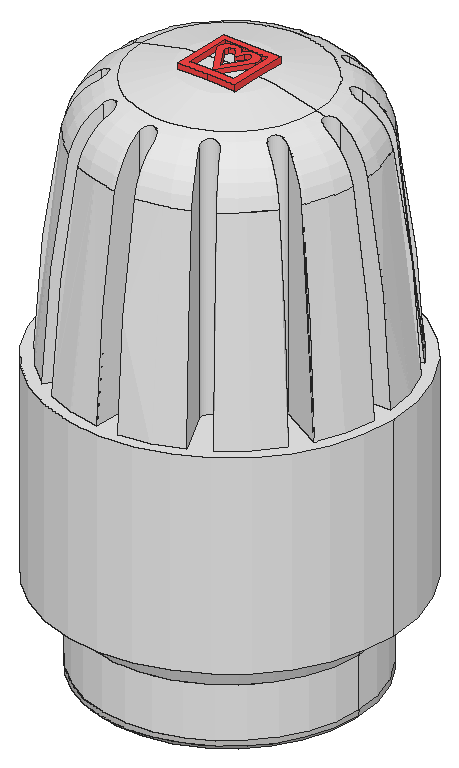
Revit family "HERZ-HERZCULES-Thermostatic Head M28x1.5 9860", category Rohrzubehör, Revit 2018
Family settings
  Bemaßung runder Anschluss = Durchmesser verwenden
  Teiletyp = Normal
  OmniClass-Nummer = 23.65.55.14
  OmniClass-Titel = Valves for Liquid Services
  Arbeitsebenenbasiert = Nein
  Immer vertikal = Nein
  Beim Laden mit Abzugskörper schneiden = Nein
  Gemeinsam genutzt = Nein
Parameters
  URL = "www.herzvalves.com"
  Set value range = "8 - 26°C"  # constant formula
  S02 = 60.000 mm  # constant formula
  S01 = 81.000 mm  # constant formula
  Part number = 1986010  # constant formula
  Operation = "The HERZ-thermostat serves as a sensor and control element.\r\nThe change in volume of the liquid contained in the HERZ-hydrosensor actuates the valve spindle."
  Model = "HERZCULES, radiator thermostat in robust version\r\nProtection against vandalism, theft and unauthorised operation.\r\nMounting, dismounting and set point control only possible with special tools.\r\nLocked and concealed set point.\r\nWith automatic frost release."
  Hersteller = "HERZ Armaturen Ges.m.b.H."  # constant formula
  Hand wheel = "plastic, white"  # constant formula
  Application = "HERZCULES, thermostatic head for mounting on HERZ-Valves, suitable for thermostatic operation."
Reference planes
  plane 1 "Mitte (Vorne/hinten)": y = 0
  plane 2: z = 0
  plane 3 "Mitte (Links/rechts)": x = 0
Forms (mm)
  Revolve 1, solid, material "Kunststoff weiß", detail levels fine
    sketch origin (0, 0, 0) x (1, 0, 0) y (0, 0, 1)
      loop
        line (-20.5, -3.5) -> (-14, -3.5) -> (-14, 0) -> (0, 0) -> (0, 81)
        arc (0, 81) -> (-6.982, 80.51) -> (-13.827, 79.05) r 50
        arc (-13.827, 79.05) -> (-18.34, 76.173) -> (-20.722, 71.381) r 10
        arc (-20.722, 71.381) -> (-23.123, 55.561) -> (-24.254, 39.6) r 200.5
        line (-24.254, 39.6) -> (-26, 39.6) -> (-26, 9) -> (-23.156, 9) -> (-20.5, 4.4) -> (-20.5, -3.5)
      axis (0, 81) -> (0, -3.5)
    angle from 0 to 360
  Revolve 2, solid, material "Messing verzinkt", detail levels fine
    sketch origin (0, 0, -5) x (1, 0, 0) y (0, 0, 1)
      loop
        line (-14, 0) -> (-14, 1.5) -> (-20.5, 1.5) -> (-20.5, 0.7) -> (-19.8, 0) -> (-14, 0)
      axis (0, 1.5) -> (0, 0)
    angle from 0 to 360
  Extrusion 3, void
    sketch origin (0, 0, 0) x (1, 0, 0) y (0, 1, 0)
      loop
        line (1.7, -24.289) -> (1.331, -16.288)
        arc (1.331, -16.288) -> (-0.021, -15) -> (-1.366, -16.294) r 1.35
        line (-1.366, -16.294) -> (-1.7, -24.292)
        arc (-1.7, -24.292) -> (0, -24.35) -> (1.7, -24.289) r 24.35
      loop
        arc (-13.65, -20.176) -> (-12.208, -21.079) -> (-10.707, -21.879) r 24.35
        line (-10.707, -21.879) -> (-6.996, -14.785)
        arc (-6.996, -14.785) -> (-7.515, -12.992) -> (-9.329, -13.431) r 1.35
        line (-9.329, -13.431) -> (-13.65, -20.176)
      loop
        line (-20.194, -13.632) -> (-13.449, -9.312)
        arc (-13.449, -9.312) -> (-13.009, -7.497) -> (-14.803, -6.979) r 1.35
        line (-14.803, -6.979) -> (-21.896, -10.689)
        arc (-21.896, -10.689) -> (-21.097, -12.19) -> (-20.194, -13.632) r 24.35
      loop
        arc (-24.307, 1.718) -> (-24.368, 0.018) -> (-24.309, -1.682) r 24.35
        line (-24.309, -1.682) -> (-16.311, -1.349)
        arc (-16.311, -1.349) -> (-15.018, -0.003) -> (-16.305, 1.349) r 1.35
        line (-16.305, 1.349) -> (-24.307, 1.718)
      loop
        arc (1.7, 24.289) -> (0, 24.35) -> (-1.7, 24.292) r 24.35
        line (-1.7, 24.292) -> (-1.366, 16.294)
        arc (-1.366, 16.294) -> (-0.021, 15) -> (1.331, 16.288) r 1.35
        line (1.331, 16.288) -> (1.7, 24.289)
      loop
        line (-13.65, 20.176) -> (-9.329, 13.431)
        arc (-9.329, 13.431) -> (-7.515, 12.992) -> (-6.996, 14.785) r 1.35
        line (-6.996, 14.785) -> (-10.707, 21.879)
        arc (-10.707, 21.879) -> (-12.208, 21.079) -> (-13.65, 20.176) r 24.35
      loop
        arc (-20.194, 13.632) -> (-21.097, 12.19) -> (-21.896, 10.689) r 24.35
        line (-21.896, 10.689) -> (-14.803, 6.979)
        arc (-14.803, 6.979) -> (-13.009, 7.497) -> (-13.449, 9.312) r 1.35
        line (-13.449, 9.312) -> (-20.194, 13.632)
      loop
        line (24.307, 1.718) -> (16.305, 1.349)
        arc (16.305, 1.349) -> (15.018, -0.003) -> (16.311, -1.349) r 1.35
        line (16.311, -1.349) -> (24.309, -1.682)
        arc (24.309, -1.682) -> (24.368, 0.018) -> (24.307, 1.718) r 24.35
      loop
        arc (13.65, 20.176) -> (12.208, 21.079) -> (10.707, 21.879) r 24.35
        line (10.707, 21.879) -> (6.996, 14.785)
        arc (6.996, 14.785) -> (7.515, 12.992) -> (9.329, 13.431) r 1.35
        line (9.329, 13.431) -> (13.65, 20.176)
      loop
        line (20.194, 13.632) -> (13.449, 9.312)
        arc (13.449, 9.312) -> (13.009, 7.497) -> (14.803, 6.979) r 1.35
        line (14.803, 6.979) -> (21.896, 10.689)
        arc (21.896, 10.689) -> (21.097, 12.19) -> (20.194, 13.632) r 24.35
      loop
        line (13.65, -20.176) -> (9.329, -13.431)
        arc (9.329, -13.431) -> (7.515, -12.992) -> (6.996, -14.785) r 1.35
        line (6.996, -14.785) -> (10.707, -21.879)
        arc (10.707, -21.879) -> (12.208, -21.079) -> (13.65, -20.176) r 24.35
      loop
        arc (20.194, -13.632) -> (21.097, -12.19) -> (21.896, -10.689) r 24.35
        line (21.896, -10.689) -> (14.803, -6.979)
        arc (14.803, -6.979) -> (13.009, -7.497) -> (13.449, -9.312) r 1.35
        line (13.449, -9.312) -> (20.194, -13.632)
    from 39.6 to 90
Cuts and joins
  Extrusion 3 cuts Revolve 1
Lines and regions (mm)
  model lines, detail levels coarse+medium
    curve 1: line (0, 0, 0) -> (0, 0, 21)
    curve 2: line (0, -0.017, 0) -> (0, 21, 0)
    curve 3: circle (0, 0, 51) r 30 normal (0, -1, 0)
    curve 4: circle (0, 0, 51) r 30 normal (1, 0, 0)
    curve 5: line (0, 0, 31) -> (0, 0, 71)
    curve 6: line (0, 17.5, 71) -> (0, -17.5, 71)
    curve 7: line (0, 0, 31) -> (0, 0, 71)
    curve 8: line (-17.5, 0, 71) -> (17.5, 0, 71)
    curve 9: circle (0, 51, 0) r 30 normal (0, 0, 1)
    curve 10: line (0, 31, 0) -> (0, 71, 0)
    curve 11: line (-17.5, 71, 0) -> (17.5, 71, 0)
Dimensions and locks
  nested 1 to plane 2 = 80.000 mm
  "S01": curve 4 to plane 2
  "S01": curve 3 to plane 2
  "S01": plane 1 "Mitte (Vorne/hinten)" to curve 9
  "S02": diameter of curve 3
  "S02": diameter of curve 4
  "S02": diameter of curve 9
  aligned and locked: level to plane 2
Automatic sketch dimensions
  Revolve 1 sketch curve to level = 0.000 mm
  Revolve 1 sketch curve to plane 3 "Mitte (Links/rechts)" = 0.000 mm  (x2)
  Revolve 1 sketch curve to plane 3 "Mitte (Links/rechts)" = 10.903 mm
  Revolve 1 sketch curve to plane 3 "Mitte (Links/rechts)" = 14.000 mm
  Revolve 1 sketch curve to Revolve 1 sketch curve = 6.500 mm
  level to Revolve 1 sketch curve = 9.000 mm
  Revolve 1 sketch curve to Revolve 1 sketch curve = 2.656 mm
  Revolve 1 sketch curve to plane 3 "Mitte (Links/rechts)" = 24.254 mm
  Revolve 1 sketch curve to Revolve 1 sketch curve = 1.746 mm
  level to Revolve 1 sketch curve = 33.411 mm
  plane 3 "Mitte (Links/rechts)" to Revolve 1 sketch curve = 176.150 mm
  Revolve 1 sketch curve to level = 3.500 mm
  level to Revolve 1 sketch curve = 4.400 mm
  level to Revolve 1 sketch curve = 31.000 mm
  Revolve 1 sketch curve to Revolve 1 sketch curve = 8.600 mm
  Revolve 1 sketch curve to Revolve 1 sketch curve = 29.887 mm
  Revolve 1 sketch curve to Revolve 1 sketch curve = 11.513 mm
  Revolve 1 sketch curve to Revolve 1 sketch curve = 2.925 mm
  level to Revolve 1 sketch curve = 5.000 mm
  Revolve 1 sketch curve to Revolve 1 sketch curve = 2133.315 mm
  Revolve 2 sketch curve to plane 3 "Mitte (Links/rechts)" = 0.000 mm
  Revolve 2 sketch curve to level = 5.000 mm
  Revolve 2 sketch curve to plane 3 "Mitte (Links/rechts)" = 14.000 mm
  Revolve 2 sketch curve to Revolve 2 sketch curve = 5.800 mm
  Revolve 2 sketch curve to Revolve 2 sketch curve = 0.700 mm  (x2)
  Revolve 2 sketch curve to Revolve 2 sketch curve = 1.500 mm
  Revolve 2 sketch curve to Revolve 2 sketch curve = 366.045 mm
  level to Revolve 2 sketch curve = 2209.315 mm
  Extrusion 3 sketch curve to Extrusion 3 sketch curve = 0.000 mm  (x62)
  plane 1 "Mitte (Vorne/hinten)" to Extrusion 3 sketch curve = 0.000 mm  (x4)
  plane 1 "Mitte (Vorne/hinten)" to Extrusion 3 sketch curve = 1.682 mm  (x2)
  Extrusion 3 sketch curve to plane 3 "Mitte (Links/rechts)" = 24.309 mm
  Extrusion 3 sketch curve to plane 1 "Mitte (Vorne/hinten)" = 1.718 mm  (x2)
  Extrusion 3 sketch curve to Extrusion 3 sketch curve = 0.002 mm
  plane 1 "Mitte (Vorne/hinten)" to Extrusion 3 sketch curve = 10.689 mm  (x2)
  Extrusion 3 sketch curve to Extrusion 3 sketch curve = 2.413 mm
  plane 1 "Mitte (Vorne/hinten)" to Extrusion 3 sketch curve = 13.632 mm
  Extrusion 3 sketch curve to Extrusion 3 sketch curve = 4.113 mm
  Extrusion 3 sketch curve to Extrusion 3 sketch curve = 7.942 mm
  plane 1 "Mitte (Vorne/hinten)" to Extrusion 3 sketch curve = 1.349 mm  (x2)
  Extrusion 3 sketch curve to Extrusion 3 sketch curve = 0.056 mm
  Extrusion 3 sketch curve to plane 1 "Mitte (Vorne/hinten)" = 1.349 mm  (x2)
  Extrusion 3 sketch curve to plane 1 "Mitte (Vorne/hinten)" = 6.979 mm  (x2)
  Extrusion 3 sketch curve to Extrusion 3 sketch curve = 1.503 mm  (x4)
  plane 1 "Mitte (Vorne/hinten)" to Extrusion 3 sketch curve = 6.979 mm  (x2)
  Extrusion 3 sketch curve to Extrusion 3 sketch curve = 1.509 mm
  Extrusion 3 sketch curve to Extrusion 3 sketch curve = 0.626 mm  (x6)
  Extrusion 3 sketch curve to Extrusion 3 sketch curve = 6.544 mm  (x2)
  Extrusion 3 sketch curve to plane 1 "Mitte (Vorne/hinten)" = 9.312 mm
  Extrusion 3 sketch curve to Extrusion 3 sketch curve = 0.728 mm  (x6)
  plane 1 "Mitte (Vorne/hinten)" to Extrusion 3 sketch curve = 9.312 mm
  Extrusion 3 sketch curve to Extrusion 3 sketch curve = 2.943 mm  (x4)
  Extrusion 3 sketch curve to Extrusion 3 sketch curve = 4.120 mm  (x6)
  Extrusion 3 sketch curve to Extrusion 3 sketch curve = 1.137 mm  (x4)
  Extrusion 3 sketch curve to Extrusion 3 sketch curve = 1.196 mm  (x5)
  Extrusion 3 sketch curve to plane 3 "Mitte (Links/rechts)" = 1.700 mm  (x2)
  Extrusion 3 sketch curve to plane 3 "Mitte (Links/rechts)" = 1.366 mm  (x2)
  Extrusion 3 sketch curve to plane 3 "Mitte (Links/rechts)" = 0.018 mm  (x2)
  plane 3 "Mitte (Links/rechts)" to Extrusion 3 sketch curve = 0.018 mm
  plane 3 "Mitte (Links/rechts)" to Extrusion 3 sketch curve = 1.331 mm  (x2)
  plane 3 "Mitte (Links/rechts)" to Extrusion 3 sketch curve = 1.700 mm  (x2)
  Extrusion 3 sketch curve to Extrusion 3 sketch curve = 5.665 mm  (x2)
  Extrusion 3 sketch curve to Extrusion 3 sketch curve = 3.710 mm  (x2)
  Extrusion 3 sketch curve to Extrusion 3 sketch curve = 0.006 mm  (x3)
  Extrusion 3 sketch curve to Extrusion 3 sketch curve = 6.745 mm  (x6)
  Extrusion 3 sketch curve to Extrusion 3 sketch curve = 1.702 mm  (x3)
  Extrusion 3 sketch curve to plane 1 "Mitte (Vorne/hinten)" = 10.689 mm  (x2)
  Extrusion 3 sketch curve to Extrusion 3 sketch curve = 8.002 mm  (x3)
  Extrusion 3 sketch curve to Extrusion 3 sketch curve = 7.181 mm
  Extrusion 3 sketch curve to Extrusion 3 sketch curve = 4.848 mm
  Extrusion 3 sketch curve to Extrusion 3 sketch curve = 2.333 mm
  Extrusion 3 sketch curve to Extrusion 3 sketch curve = 4.320 mm
  curve 5 to plane 1 "Mitte (Vorne/hinten)" = 0.000 mm
  curve 4 to plane 1 "Mitte (Vorne/hinten)" = 0.000 mm
  plane 1 "Mitte (Vorne/hinten)" to curve 6 = 17.500 mm
  curve 5 to curve 6 = 17.500 mm
  curve 5 to curve 4 = 20.000 mm
  curve 4 to curve 6 = 20.000 mm
  curve 3 to plane 3 "Mitte (Links/rechts)" = 0.000 mm
  curve 7 to plane 3 "Mitte (Links/rechts)" = 0.000 mm
  curve 1 to plane 3 "Mitte (Links/rechts)" = 0.000 mm
  curve 1 to level = 0.000 mm
  curve 8 to curve 7 = 17.500 mm
  plane 3 "Mitte (Links/rechts)" to curve 8 = 17.500 mm
  curve 1 to curve 7 = 10.000 mm
  curve 3 to curve 8 = 20.000 mm
  curve 9 to plane 3 "Mitte (Links/rechts)" = 0.000 mm
  curve 10 to plane 3 "Mitte (Links/rechts)" = 0.000 mm
  curve 2 to plane 3 "Mitte (Links/rechts)" = 0.000 mm
  curve 11 to curve 10 = 17.500 mm
  plane 3 "Mitte (Links/rechts)" to curve 11 = 17.500 mm
  plane 1 "Mitte (Vorne/hinten)" to curve 2 = 0.017 mm
  curve 2 to curve 10 = 10.000 mm
  curve 9 to curve 11 = 20.000 mm
Nested families
  nested 1: "Herz-Logo" at (0, 0, 80), type "Herz-Logo", detail levels fine
Definition of nested family "Herz-Logo"
  Reference planes
    plane 1 "Mitte (Vorne/hinten)": y = 0
    plane 2: z = 0
    plane 3 "Mitte (Links/rechts)": x = 0
  Forms (mm)
    Extrusion 1, solid
      sketch origin (0, 0, 0) x (1, 0, 0) y (0, 1, 0)
        loop
          line (-0.018, -4.517) -> (4.482, -4.517) -> (4.482, 4.483) -> (-4.518, 4.483) -> (-4.518, -4.517) -> (-0.018, -4.517)
        loop
          line (-0.05, -3.48) -> (3.482, -3.48) -> (3.482, 3.483) -> (-3.518, 3.483) -> (-3.518, -3.48) -> (-0.05, -3.48)
        loop
          arc (-0.018, 2.383) -> (-1.543, 3.287) -> (-3.067, 2.383) r 1.738
          arc (-3.067, 2.383) -> (-3.191, 1.899) -> (-3.067, 1.415) r 1.009
          line (-3.067, 1.415) -> (-0.018, -3.281) -> (3.032, 1.415)
          arc (3.032, 1.415) -> (3.156, 1.899) -> (3.032, 2.383) r 1.009
          arc (3.032, 2.383) -> (1.507, 3.287) -> (-0.018, 2.383) r 1.738
        loop
          arc (1.885, 1.272) -> (2.005, 1.675) -> (1.885, 2.079) r 0.74
          arc (1.885, 2.079) -> (1.265, 2.416) -> (0.644, 2.079) r 0.74
          line (0.644, 2.079) -> (-0.018, 0.97) -> (-0.679, 2.079)
          arc (-0.679, 2.079) -> (-1.3, 2.416) -> (-1.921, 2.079) r 0.74
          arc (-1.921, 2.079) -> (-2.04, 1.675) -> (-1.921, 1.272) r 0.74
          line (-1.921, 1.272) -> (-0.018, -1.658) -> (1.885, 1.272)
      from 0 to 1.5
  Dimensions and locks
    aligned and locked: level to plane 2
